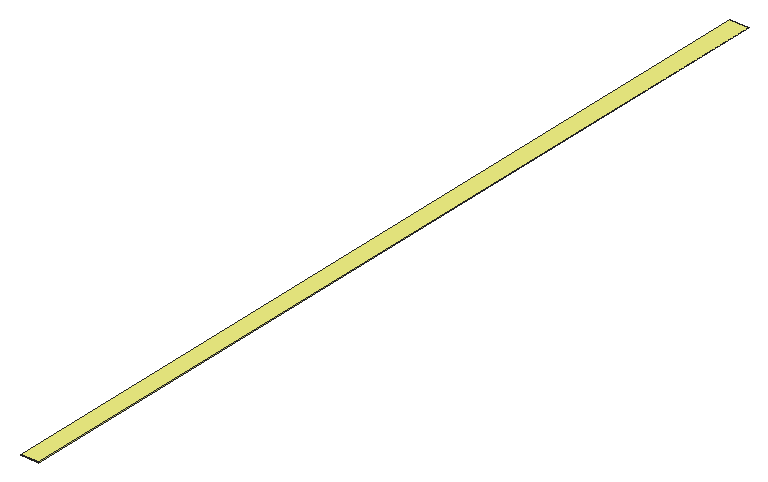
Revit family "Parking", category Estacionamento, Revit 2017
Family settings
  Com base no plano de trabalho = Não
  Sempre na vertical = Não
  Corte com vazios quando carregados = Não
  Compartilhado = Não
Parameters (values of type "4800 x 2400 mm - 90 degraus")
  Ângulo = 90.00°
  Comprimento do estacionamento = 4800 mm
  Largura do estacionamento = 2400 mm
  pl = Comprimento do estacionamento * (sin(Ângulo))  # 4800 mm
  pw = Largura do estacionamento / (sin(Ângulo))  # 2400 mm
  Bloc [instance] = ""
  Apartment [instance] = 0
Types (4, lengths in mm): name | Ângulo | pl | pw
  4800 x 2400 mm - 90 degraus | 90.00° | 4800 | 2400
  4800 x 2400 mm - 60 degraus | 60.00° | 4156.922 | 2771.281
  4800 x 2400 mm - 80 degraus | 80.00° | 4727.077 | 2437.024
  4800 x 2400 mm - 70 degraus | 70.00° | 4510.525 | 2554.027
Reference planes
  plane 1 "Centro (Frente/Trás)": y = 0
  plane 2: z = 0
  plane 3 "Centro (Esquerda/Direita)": x = 0
  plane 4: y = -304.8
Forms (mm)
  Sweep 1, solid, material "Faixa de estacionamento"
    path in 3D
      loop
        line (0, 0, 0) -> (0, -4800, 0)
    profile origin (0, -2400, 0) x (1, 0, 0) y (0, 0, 1)
      loop
        line (-50.8, 0) -> (50.8, 0) -> (50.8, 3.175) -> (-50.8, 3.175) -> (-50.8, 0)
Lines and regions (mm)
  model lines, style "Linha de referência"
    curve 1: line (2400, 0, 0) -> (2400, -4800, 0)
  model lines, style "Esquema de estacionamento"
    curve 2: line (2400, 0, 0) -> (0, 0, 0)
    curve 3: line (0, 0, 0) -> (0, -4800, 0)
  sketch lines
    curve 4: line (0, 0, 0) -> (0, -4800, 0)
Dimensions and locks
  "pw": curve 3 to curve 2
  "pl": curve 2 to curve 1
  "Ângulo": angle curve 3 to plane 4
  "Ângulo": angle curve 1 to plane 4
  aligned and locked: plane 1 "Centro (Frente/Trás)" to curve 1
  aligned and locked: plane 3 "Centro (Esquerda/Direita)" to curve 2
  aligned and locked: plane 1 "Centro (Frente/Trás)" to curve 3
Automatic sketch dimensions
  curve 3 to curve 1 = 0 mm
  profile plane to Sweep 1 sketch curve = 50.8 mm
  Sweep 1 sketch curve to profile plane = 50.8 mm
  Sweep 1 sketch curve to Sweep 1 sketch curve = 3.175 mm
